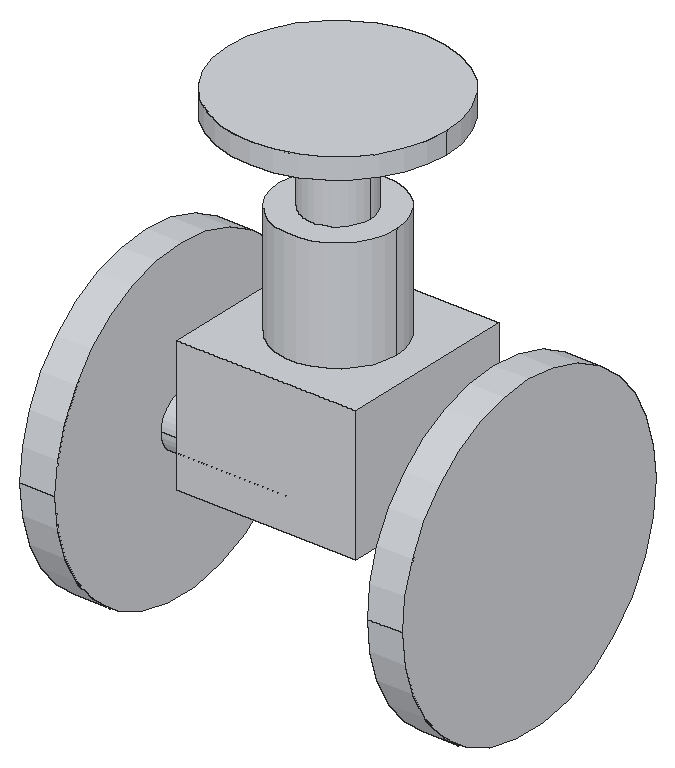
Revit family "M_Válvula de diafragma - Tipo represa - 15-300 mm", category Acessórios do tubo, Revit 2019
Family settings
  Cota do conector redondo = Usar raio
  Tipo de parte = Válvula - Quebra entre
  Número OmniClass = 23.65.55.14.17
  Título OmniClass = Adjusting/Controlling Valves for Liquid Services
  ID de item do Seek = Diaphragm Valve - Weir Type - 15-300 mm-0000-CAN-ENU
  Com base no plano de trabalho = Não
  Sempre na vertical = Sim
  Corte com vazios quando carregada = Não
  Compartilhado = Não
Parameters (values of type "15 mm")
  Material da válvula = none
  Largura do símbolo = 1 / 2 * (1 / 2 * Comprimento do corpo + Espessura do flange)  # 27.25 mm
  Raio do tronco = 0.3 * Raio da manivela  # 9.3 mm
  Altura total = 100 mm
  Raio nominal = 7.5 mm
  Diâmetro nominal = Raio nominal * 2  # 15 mm
  Raio do pescoço = 0.54 * Raio da manivela  # 16.74 mm
  Altura do pescoço = 32 mm
  K Coefficient = 3.48
  Espessura da manivela = 6 mm
  Raio da manivela = 31 mm
  Material da manivela = none
  Diâmetro da manivela = Raio da manivela * 2  # 62 mm
  Espessura do flange = 10 mm
  Raio da flange = 45 mm
  Diâmetro da flange = Raio da flange * 2  # 90 mm
  Largura da chapeleta = 51 mm
  Comprimento da chapeleta = 51 mm
  Altura da chapeleta = 0.38 * Altura total  # 38 mm
  Comprimento do corpo = 89 mm
Types (14, lengths in mm): name | Largura do símbolo | Raio do tronco | Altura total | Raio nominal | Diâmetro nominal | Raio do pescoço | Altura do pescoço | K Coefficient | Espessura da manivela | Raio da manivela | Diâmetro da manivela | Espessura do flange | Raio da flange | Diâmetro da flange | Largura da chapeleta | Comprimento da chapeleta | Altura da chapeleta | Comprimento do corpo
  (no name) | 27.25 | 9.3 | 100 | 7.5 | 15 | 16.74 | 32 | 3.48 | 6 | 31 | 62 | 10 | 45 | 90 | 51 | 51 | 38 | 89
  15 mm | 27.25 | 9.3 | 100 | 7.5 | 15 | 16.74 | 32 | 3.48 | 6 | 31 | 62 | 10 | 45 | 90 | 51 | 51 | 38 | 89
  20 mm | 26.75 | 9.3 | 92 | 10 | 20 | 16.74 | 25 | 2.81 | 6 | 31 | 62 | 6 | 49 | 98 | 57 | 57 | 34.96 | 95
  25 mm | 31.75 | 13.5 | 108 | 12.5 | 25 | 24.3 | 32 | 2.9 | 8 | 45 | 90 | 11 | 54 | 108 | 60 | 60 | 41.04 | 105
  32 mm | 36.75 | 18 | 143 | 16 | 32 | 32.4 | 38 | 2.26 | 13 | 60 | 120 | 13 | 59 | 118 | 70 | 70 | 54.34 | 121
  40 mm | 39.5 | 18 | 157 | 20 | 40 | 32.4 | 41 | 4.69 | 13 | 60 | 120 | 14 | 63 | 126 | 75 | 75 | 59.66 | 130
  50 mm | 47.75 | 18 | 175 | 25 | 50 | 32.4 | 48 | 4.71 | 13 | 60 | 120 | 16 | 75 | 150 | 89 | 89 | 66.5 | 159
  65 mm | 54.25 | 25.5 | 225 | 32.5 | 65 | 45.9 | 60 | 2.63 | 18 | 85 | 170 | 18 | 89 | 178 | 102 | 102 | 85.5 | 181
  80 mm | 63.5 | 34.5 | 243 | 40 | 80 | 62.1 | 64 | 2.81 | 24 | 115 | 230 | 19 | 95 | 190 | 121 | 121 | 92.34 | 216
  100 mm | 76.25 | 42 | 308 | 50 | 100 | 75.6 | 81 | 3.37 | 29 | 140 | 280 | 24 | 114 | 228 | 143 | 143 | 117.04 | 257
  150 mm | 101.5 | 55.2 | 441 | 75 | 150 | 99.36 | 118 | 2.95 | 38 | 184 | 368 | 25 | 140 | 280 | 191 | 191 | 167.58 | 356
  200 mm | 130.5 | 64.8 | 495 | 100 | 200 | 116.64 | 129 | 2.76 | 49 | 216 | 432 | 29 | 170 | 340 | 245 | 245 | 188.1 | 464
  250 mm | 158.75 | 87.6 | 581 | 125 | 250 | 157.68 | 151 | 2.9 | 60 | 292 | 584 | 30 | 200 | 400 | 299 | 299 | 220.78 | 575
  300 mm | 187.5 | 104.7 | 680 | 150 | 300 | 188.46 | 175 | 3.34 | 71 | 349 | 698 | 32 | 216 | 432 | 352 | 352 | 258.4 | 686
Reference planes
  plane 1 "Centro (Frente/Trás)": y = 0
  plane 2: z = 0
  plane 3 "Centro (Esquerda/Direita)": x = 0
  plane 4: x = -44.5
  plane 5: x = 44.5
  plane 6: x = -54.5
  plane 7: x = 54.5
  plane 8: x = -25.5
  plane 9: x = 25.5
  plane 10: y = -25.5
  plane 11: y = 25.5
  plane 12: z = 38
  plane 13: z = 70
  plane 14: z = 100
  plane 15: z = 94
  plane 16: y = 27.25
  plane 17: y = -27.25
Forms (mm)
  Extrusion 1, solid, material <- "Material da válvula", detail levels fine
    sketch origin (0, 0, 0) x (0, 1, 0) y (0, 0, 1)
      loop
        circle (0, 0) r 7.5
    from -44.5 to 44.5
  Extrusion 2, solid, material <- "Material da válvula", detail levels fine
    sketch origin (0, 0, 0) x (0, 1, 0) y (0, 0, 1)
      loop
        circle (0, 0) r 45
    from -54.5 to -44.5
  Extrusion 3, solid, material <- "Material da válvula", detail levels fine
    sketch origin (0, 0, 0) x (0, 1, 0) y (0, 0, 1)
      loop
        circle (0, 0) r 45
    from 44.5 to 54.5
  Extrusion 4, solid, material <- "Material da válvula", detail levels fine
    sketch origin (0, 0, 0) x (1, 0, 0) y (0, 1, 0)
      loop
        line (-25.5, 25.5) -> (-25.5, -25.5) -> (25.5, -25.5) -> (25.5, 25.5) -> (-25.5, 25.5)
    from 0 to 38
  Extrusion 5, solid, material <- "Material da válvula", detail levels fine
    sketch origin (0, 0, 0) x (1, 0, 0) y (0, 1, 0)
      loop
        circle (0, 0) r 16.74
    from 38 to 70
  Extrusion 6, solid, material <- "Material da válvula", detail levels fine
    sketch origin (0, 0, 0) x (1, 0, 0) y (0, 1, 0)
      loop
        circle (0, 0) r 9.3
    from 70 to 94
  Extrusion 7, solid, material <- "Material da manivela", detail levels fine
    sketch origin (0, 0, 0) x (1, 0, 0) y (0, 1, 0)
      loop
        circle (0, 0) r 31
    from 94 to 100
Cuts and joins
  joined: Extrusion 1, Extrusion 2, Extrusion 3, Extrusion 4, Extrusion 5, Extrusion 6
Lines and regions (mm)
  model lines, detail levels coarse+medium
    curve 1: line (-54.5, -27.25, 0) -> (0, 27.25, 0)
    curve 2: line (0, 27.25, 0) -> (54.5, -27.25, 0)
    curve 3: line (-54.5, 27.25, 0) -> (-54.5, -27.25, 0)
    curve 4: line (-54.5, 27.25, 0) -> (54.5, 27.25, 0)
    curve 5: line (54.5, 27.25, 0) -> (54.5, -27.25, 0)
Dimensions and locks
  equal spacing: plane 4, plane 3 "Centro (Esquerda/Direita)", plane 5
  "Comprimento do corpo": plane 4 to plane 5
  "Espessura do flange": plane 6 to plane 4
  "Espessura do flange": plane 5 to plane 7
  equal spacing: plane 8, plane 3 "Centro (Esquerda/Direita)", plane 9
  "Comprimento da chapeleta": plane 8 to plane 9
  equal spacing: plane 11, plane 1 "Centro (Frente/Trás)", plane 10
  "Largura da chapeleta": plane 11 to plane 10
  "Altura da chapeleta": plane 12 to plane 2
  "Altura do pescoço": plane 13 to plane 12
  "Altura total": plane 14 to plane 2
  "Espessura da manivela": plane 14 to plane 15
  "Largura do símbolo": plane 1 "Centro (Frente/Trás)" to plane 16
  "Largura do símbolo": plane 1 "Centro (Frente/Trás)" to plane 17
  "Raio nominal": radius of Extrusion 1 sketch curve
  "Raio da flange": radius of Extrusion 2 sketch curve
  "Raio da flange": radius of Extrusion 3 sketch curve
  "Raio do pescoço": radius of Extrusion 5 sketch curve
  "Raio do tronco": radius of Extrusion 6 sketch curve
  "Raio da manivela": radius of Extrusion 7 sketch curve
  aligned and locked: plane 2 to Extrusion 1 sketch curve
  aligned and locked: plane 1 "Centro (Frente/Trás)" to Extrusion 1 sketch curve
  aligned and locked: Extrusion 1 to plane 4
  aligned and locked: plane 5 to Extrusion 1
  aligned and locked: plane 2 to Extrusion 2 sketch curve
  aligned and locked: plane 1 "Centro (Frente/Trás)" to Extrusion 2 sketch curve
  aligned and locked: Extrusion 2 to plane 6
  aligned and locked: plane 4 to Extrusion 2
  aligned and locked: plane 2 to Extrusion 3 sketch curve
  aligned and locked: plane 1 "Centro (Frente/Trás)" to Extrusion 3 sketch curve
  aligned and locked: Extrusion 3 to plane 5
  aligned and locked: plane 7 to Extrusion 3
  aligned and locked: plane 8 to Extrusion 4 sketch curve
  aligned and locked: Extrusion 4 sketch curve to plane 11
  aligned and locked: plane 10 to Extrusion 4 sketch curve
  aligned and locked: Extrusion 4 sketch curve to plane 9
  aligned and locked: Extrusion 4 to plane 2
  aligned and locked: plane 12 to Extrusion 4
  aligned and locked: plane 1 "Centro (Frente/Trás)" to Extrusion 5 sketch curve
  aligned and locked: plane 3 "Centro (Esquerda/Direita)" to Extrusion 5 sketch curve
  aligned and locked: Extrusion 5 to plane 12
  aligned and locked: plane 13 to Extrusion 5
  aligned and locked: plane 1 "Centro (Frente/Trás)" to Extrusion 6 sketch curve
  aligned and locked: plane 3 "Centro (Esquerda/Direita)" to Extrusion 6 sketch curve
  aligned and locked: Extrusion 6 to plane 13
  aligned and locked: plane 15 to Extrusion 6
  aligned and locked: plane 1 "Centro (Frente/Trás)" to Extrusion 7 sketch curve
  aligned and locked: plane 3 "Centro (Esquerda/Direita)" to Extrusion 7 sketch curve
  aligned and locked: Extrusion 7 to plane 15
  aligned and locked: plane 14 to Extrusion 7
  aligned and locked: plane 16 to curve 1
  aligned and locked: plane 3 "Centro (Esquerda/Direita)" to curve 1
  aligned and locked: plane 17 to curve 1
  aligned and locked: plane 6 to curve 1
  aligned and locked: plane 7 to curve 2
  aligned and locked: curve 3 to plane 6
  aligned and locked: plane 7 to curve 4
  aligned and locked: curve 4 to plane 16
  aligned and locked: plane 17 to curve 5
Connectors
  piping at (-54.5, 0, 0), diameter 15, driven by "Raio nominal"
    settings: on cut or joined group of Extrusion 1, Extrusion 2, Extrusion 3, Extrusion 4, Extrusion 5, Extrusion 6, index 1, connector inside diameter 15 mm, connector length 0 mm, flow factor 0, pipe flow 0.0 L/s, pressure drop 0.0 Pa, fitting loss kfactor 0, connector angle 0.00°, fixture units 0, engagement length 0 mm, angle of deflection 0.00°, flow configuration 0, flow direction 0, fitting loss method 2, system type 29, joint type 0, gender type 0, connector reference index 2, connector utility 0, adjustable connector no, is connector primary yes, connector description ""
  piping at (54.5, 0, 0), diameter 15, driven by "K Coefficient", driven by "Raio nominal"
    settings: on cut or joined group of Extrusion 1, Extrusion 2, Extrusion 3, Extrusion 4, Extrusion 5, Extrusion 6, index 2, connector inside diameter 15 mm, connector length 0 mm, flow factor 0, pipe flow 0.0 L/s, pressure drop 0.0 Pa, fitting loss kfactor 3.48, connector angle 0.00°, fixture units 0, engagement length 0 mm, angle of deflection 0.00°, flow configuration 0, flow direction 0, fitting loss method 2, system type 29, joint type 0, gender type 0, connector reference index 1, connector utility 0, adjustable connector no, is connector primary no, connector description ""
